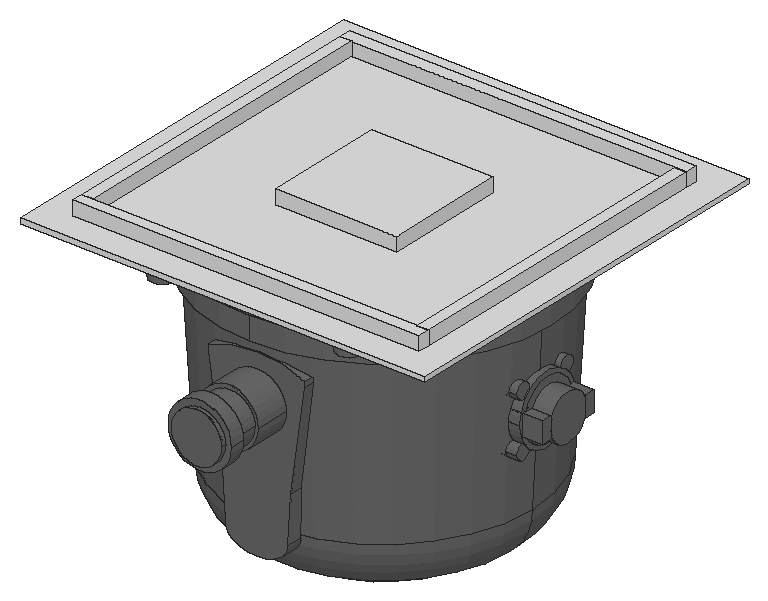
Revit family "280570x(_0)", category Generic Models, Revit 2021
Family settings
  Can host rebar = No
  Round Connector Dimension = Use Diameter
  Part Type = Normal
  Work Plane-Based = No
  Always vertical = Yes
  Cut with Voids When Loaded = No
  Shared = Yes
  Room Calculation Point = No
Parameters (values of type "280570X")
  SUPPLIER = "KESSEL"
  SA700ID50 = "nein"
  SA700ID49 = "Protection Class I"
  SA700ID48 = "no"
  SA700ID47 = "no"
  SA700ID46 = "yes"
  SA700ID37 = 6000 mm
  SA700ID34 = 8
  SA700ID33 = 0.34 W
  SA700ID32 = 10.80 kg
  SA700ID31 = 1
  SA700ID30 = 1
  SA700ID29 = "RWDR"
  SA700ID21 = 600
  SA700ID10 = "No"
  SA700ID08 = 230 V
  PROCUREWEBLINK = "https://p.caden.as/kessel/280570X"
  PROCURELINK = "p.caden.as/kessel/280570X"
  PROCUREDATALASTUPDATE = "2024-05-22T12:18:03.559538686+01:00"
  PREVIEW = "../../bilder/ksb_w_280570x.png"
  PRC_SPECIFICATIONLINK = "https://ausschreiben.de/catalog/kessel/catalogItem/4ae2b64a-3be4-4332-af85-36190925d089"
  NN = "Lifting station Minilift S  Art.-Nr. 28560C"
  NBSYN = "$SA810ID03.(_$L.)"
  NB = "280570X(_0)"
  Model = "280570X"
  Manufacturer = "KESSEL"
  MIdent = "{$CADENAS_DATA/23d-libs/kessel/4/entwaesserung/ktp.prj},197 {VTYP=3D},{NB=280570X(_0)},{LINA=280570X},{NN=Lifting station Minilift S  Art.-Nr. 28560C},{DATE=21.12.2022 12:35:53},{GEOMDATE=21.12.2022 12:35:18},{VERSION=},{LINEID=30},{WBVAR=L},{WBNUMERIC=L}  {NB=280570X(_0)},{LINA=280570X},{KT=DUMMY},{PREVIEW=../../bilder/ksb_w_280570x.png},{SA700ID04=Hebeanlage Minilift S, KTP 300-S1, Bodenplatte, befliesbar},{SA810ID06=04026092082546},{LMIN=0.000},{LMAX=200.000},{L=0.000},{SA700ID34=8.00},{SA810ID03=280570X},{SA810ID10=Kessel Minilift S Unterflur, mit befliesbarer AbdeckungKleinhebeanlage für fäkalienfreies Abwasser zum Einbau in dieBodenplatte,vormontiert zur bauseitigen Endmontage.- mit teleskopischem Aufsatzstück für stufenlosen Höhen- undNivauausgleich und integriertem Bodenablauf- Bodenteil aus PP, beständig gegen aggressive Abwässer- Inklusive Rückflussverhinderer für die Druckleitung- Inklusive Stutzen DN 50 für Zulauf und Kabelleerrohr- Pumpe mit Freistromrad für höchste Betriebssicherheit- Inklusive Schwimmerschalter zur NiveauerfassungAnlagenart: EinzelanlageFarbe: schwarzAbwasserart: fäkalienfreies AbwasserEinbausituation: innerhalb vom Gebäude - Einbau in die BodenplatteNorm: EN 12050-2Abdeckungsart: Abdeckplatte befliesbar mit RostAbdeckung Farbe: silbergrauVerriegelung: jaBelastungsklasse: K3Länge: 460 mmBreite: 380 mmEinbautiefe T: 330mm - 460 mmZulauf Nennweite: DN50Druckabgang (DN): 32Druckabgang (Da): 40Freier Kugeldurchgang: 10 mmRückflussverhinderer: integriertNutzvolumen: ca. 7,0 lGewicht netto: 11,5 kgPumpentyp: KTP300Anzahl Pumpen: 1Laufrad Typ: FreistromradPumpensteuerung: SchwimmerFördermenge: max. 8,0 m³/hFörderhöhe: max. 6 mFörderguttemperatur dauerhaft (max.): 35 °CNennleistung (P2): 0,21 KWAufnahmeleistung (P1): 0,34 KWBetriebsspannung: 230 V DSNennfrequenz: 50 HzDrehzahl: 2800 1/minNennstrom: 1,6 AAbsicherung: C 16 ASchutzart (Pumpe): IP 68 (3mWS)Betriebsart: S1Temperaturüberwachung: integriertLänge Netzanschlussleitung Pumpe: 5 mTyp Anschlussleitung Pumpe: H07RN-F 3G 1,0 mm²Anschlusstyp: Schuko 2-polig},{SA700ID37=6.00},{SA700ID33=0.34},{SA700ID08=230},{SA700ID30=1},{SA700ID32=10.80},{SA700ID49=Schutzklasse I},{SA700ID50=nein},{SA200ID03=Tauchpumpe},{SA250ID03=vertikal},{SA260ID03=Trockenläuferpumpe},{SA350ID03=normalansaugend},{SA400ID03=E-Motor für Wechselstrom},{SA460ID03=direkt},{SA500ID03=Kunststoff, Edelstahl},{SA700ID06=32},{SA700ID07=50},{SA700ID09=1/N/PE 230V},{SA700ID10=Nein},{SA700ID11=50},{SA700ID12=IP 68},{SA700ID13=F},{SA700ID15=35},{SA700ID21=600.00},{SA700ID22=0.21},{SA700ID23=2800},{SA700ID24=2800},{SA700ID26=2},{SA700ID27=3.80},{SA700ID28=durchgehend},{SA700ID29=RWDR},{SA700ID31=1},{SA700ID46=ja},{SA700ID47=nein},{SA700ID48=nein},{SA110ID04=Hebeanlage Minilift S},{SA300ID03=einstufig},{SA700ID44=MIN},{SA700ID45=MIN},{SA010ID04=KESSEL AG},{L1=0:200},{DNIN1=50},{DNIN2=50},{DNIN3=40},{DNOUT=40},{ISD1=20},{NR=MIN},{SA960ID03=89},{SA960ID04=3L},{SA960ID08=https://www.kessel.de/info?han=280570X},{SA010ID01=010},{SA010ID02=4},{SA010ID06=www.kessel.de},{SA010ID08=4026092000007},{SA100ID01=100},{SA100ID02=4},{SA100ID04=Entwässerung},{SA100ID06=},{SA110ID01=110},{SA110ID02=9},{SA110ID05=},{SA110ID06=Hebeanlage},{SA740ID01=},{SA740ID02=},{SA740ID03=},{SA200ID01=200},{SA200ID02=6},{SA250ID01=250},{SA250ID02=2},{SA260ID01=260},{SA260ID02=2},{SA300ID01=300},{SA300ID02=1},{SA350ID01=350},{SA350ID02=1},{SA400ID01=400},{SA400ID02=1},{SA460ID01=460},{SA460ID02=1},{SA500ID01=500},{SA500ID02=1},{SA700ID01=700},{SA700ID02=89},{SA700ID16=0},{SA700ID25=0},{IGNORIEREN=MIN},{IGNORIERENDUPE1=MIN},{IGNORIERENDUPE2=MIN},{IGNORIERENDUPE3=MIN},{SA800ID01=800},{SA800ID02=3},{SA810ID01=810},{SA810ID02=89},{SA810ID04=280570X},{SA810ID07=89},{SA810ID14=PCE},{SA810ID15=1},{SA810ID16=NMP},{LINK=https://www.kessel.de/info?han=280570X},{IGNORIERENDUPE4=},{SA010ID13=DEU},{SA010ID14=DE},{SA100ID05=Hebeanlage},{SA700ID10_=0},{SA700ID46_=1},{SA700ID47_=0},{SA700ID48_=0},{SA700ID49_=1},{SA700ID50_=0},{SA810ID09=1},{LINK_=https://www.kessel.de/info?han=280570X},{LINK_DEU=https://www.kessel.de/info?han=280570X},{CATEGORY4AB=}"
  LMIN = 0
  LMAX = 200
  LINK = "https://www.kessel.de/info?han=280570X"
  LINA = "280570X"
  L = 0
  Default Elevation = 0 mm
  CREATOR = "CADENAS GmbH"
  CATALOG = "KESSEL"
  BOMINFO = "LINA"
  ARTICLENO = "NB"
  4.810.00.9 Order quantity (multiplicator) = "1"
  4.810.00.7 Media- connection number = "89"
  4.810.00.6 GTIN number = "04026092082546"
  4.810.00.4 DATANORM number = "280570X"
  4.810.00.3 Producer order number = "280570X"
  4.710.03.7 Mass (net) = 10.80 kg
  4.710.03.6 Height = 330 mm
  4.710.03.5 Width = 480 mm
  4.710.03.4 Length = 455 mm
  4.710.03.3 Type of dimensions = "2"
  4.710.02.8 Area of application of wastewater pump = "2"
  4.710.02.6 Duty type = "S1"
  4.710.02.5 Cutting device = "0"
  4.710.02.4 Attached pump control = "1"
  4.710.02.3 Free passage = 10 mm
  4.710.01.6 Option to connect to building automation = "10"
  4.710.01.5 Load regulation = "0"
  4.710.01.4 Designation of closed-loop control = "7"
  4.700.00.9 Voltage = 0
  4.700.00.8 Nominal connection size on suction side = "50"
  4.700.00.7 Nominal connection size on pressure side = "50"
  4.700.00.6 Type of connection = "32"
  4.700.00.4 Product indentification = "Hebeanlage Minilift S, KTP 300-S1, Bodenplatte, befliesbar"
  4.700.00.28 Motor pump shaft = "durchgehend"
  4.700.00.27 Starting current = 3.8
  4.700.00.26 Maximum power consumption per pump / drive = 2
  4.700.00.25 Minimum speed at internal speed adjustment = 0
  4.700.00.24 Nominal speed / maximum speed n = 46.6667
  4.700.00.23 Nominal speed of motor = 46.6667
  4.700.00.22 Maximum shaft output (P2) per pump/drive = 0.21 W
  4.700.00.16 Maximum temperature of pumped medium = 0 °C
  4.700.00.15 Increased safety class = "35 °C"
  4.700.00.13 Type of protection = "F"
  4.700.00.12 Frequency = 0
  4.700.00.11 Stern-/Dreieck-Anlaufschaltung bei Dreiphasenanschluss oder Drehstrom = "50 Hz"
  4.700.00.10 Phase = "0"
  4.500.00.3 Variant / Variant type / Accessories-name = "Kunststoff, Edelstahl"
  4.460.00.3 Variant / Variant type / Accessories-name = "direkt"
  4.400.00.3 Variant / Variant type / Accessories-name = "E-Motor für Wechselstrom"
  4.350.00.3 Variant / Variant type / Accessories-name = "normalansaugend"
  4.300.00.3 Variant / Variant type / Accessories-name = "einstufig"
  4.260.00.3 Variant / Variant type / Accessories-name = "Trockenläuferpumpe"
  4.250.00.3 Variant / Variant type / Accessories-name = "vertikal"
  4.200.00.3 Variant / Variant type / Accessories-name = "Tauchpumpe"
  4.110.00.6 Product classification = "Hebeanlage"
  4.110.00.4 Product indentification = "Hebeanlage Minilift S"
  4.100.00.5 Main groups of wares = "Hebeanlage"
  4.100.00.4 Product indentification = "Entwässerung"
  4.010.00.2 Sheet number of the guideline = "4"
Reference planes
  plane 1 "Center (Front/Back)": y = 0
  plane 2: z = 0
  plane 3 "Center (Left/Right)": x = 0
Dimensions and locks
  aligned and locked: level to plane 2
Nested families
  nested 1: "280570x(_0)_content" at (0, 0, 0), type "280570X(_0)_Content"
Connectors
  piping at (-252.35, 0, 193), diameter 50
    settings: on nested 1, index 1, connector inside diameter 609.6 mm, connector length 0 mm, flow factor 0, pipe flow 0.0 L/s, pressure drop 0.0 Pa, fitting loss kfactor 0, connector angle 0.00°, fixture units 0, engagement length 0 mm, angle of deflection 0.00°, flow configuration 0, flow direction 1, fitting loss method 2, system type 29, joint type 0, gender type 0, connector reference index -1, connector utility 0, adjustable connector no, is connector primary yes, connector description ""
  piping at (0, -257.35, 193), diameter 50
    settings: on nested 1, index 2, connector inside diameter 609.6 mm, connector length 0 mm, flow factor 0, pipe flow 0.0 L/s, pressure drop 0.0 Pa, fitting loss kfactor 0, connector angle 0.00°, fixture units 0, engagement length 0 mm, angle of deflection 0.00°, flow configuration 0, flow direction 1, fitting loss method 2, system type 29, joint type 0, gender type 0, connector reference index -1, connector utility 0, adjustable connector no, is connector primary no, connector description ""
  piping at (202, 0, 171), diameter 40
    settings: on nested 1, index 3, connector inside diameter 609.6 mm, connector length 0 mm, flow factor 0, pipe flow 0.0 L/s, pressure drop 0.0 Pa, fitting loss kfactor 0, connector angle 0.00°, fixture units 0, engagement length 0 mm, angle of deflection 0.00°, flow configuration 0, flow direction 2, fitting loss method 2, system type 29, joint type 0, gender type 0, connector reference index -1, connector utility 0, adjustable connector no, is connector primary no, connector description ""
Definition of nested family "280570x(_0)_content"
  Parameters (values of type "280570X(_0)_Content")
    SUPPLIER = "KESSEL"
    SA700ID50 = "nein"
    SA700ID49 = "Protection Class I"
    SA700ID48 = "no"
    SA700ID47 = "no"
    SA700ID46 = "yes"
    SA700ID37 = 6000 mm
    SA700ID34 = 8
    SA700ID33 = 0.34 W
    SA700ID32 = 10.80 kg
    SA700ID31 = 1
    SA700ID30 = 1
    SA700ID29 = "RWDR"
    SA700ID21 = 600
    SA700ID10 = "No"
    SA700ID08 = 230 V
    PROCUREWEBLINK = "https://p.caden.as/kessel/280570X"
    PROCURELINK = "p.caden.as/kessel/280570X"
    PROCUREDATALASTUPDATE = "2024-05-22T12:18:03.559538686+01:00"
    PREVIEW = "../../bilder/ksb_w_280570x.png"
    PRC_SPECIFICATIONLINK = "https://ausschreiben.de/catalog/kessel/catalogItem/4ae2b64a-3be4-4332-af85-36190925d089"
    NN = "Lifting station Minilift S  Art.-Nr. 28560C"
    NBSYN = "$SA810ID03.(_$L.)"
    NB = "280570X(_0)"
    Model = "280570X"
    Manufacturer = "KESSEL"
    LMIN = 0
    LMAX = 200
    LINK = "https://www.kessel.de/info?han=280570X"
    LINA = "280570X"
    L = 0
    Default Elevation = 1219.2 mm
    CREATOR = "CADENAS GmbH"
    CATALOG = "KESSEL"
    BOMINFO = "LINA"
    ARTICLENO = "NB"
    4.810.00.9 Order quantity (multiplicator) = "1"
    4.810.00.7 Media- connection number = "89"
    4.810.00.6 GTIN number = "04026092082546"
    4.810.00.4 DATANORM number = "280570X"
    4.810.00.3 Producer order number = "280570X"
    4.710.03.7 Mass (net) = 10.80 kg
    4.710.03.6 Height = 330 mm
    4.710.03.5 Width = 480 mm
    4.710.03.4 Length = 455 mm
    4.710.03.3 Type of dimensions = "2"
    4.710.02.8 Area of application of wastewater pump = "2"
    4.710.02.6 Duty type = "S1"
    4.710.02.5 Cutting device = "0"
    4.710.02.4 Attached pump control = "1"
    4.710.02.3 Free passage = 10 mm
    4.710.01.6 Option to connect to building automation = "10"
    4.710.01.5 Load regulation = "0"
    4.710.01.4 Designation of closed-loop control = "7"
    4.700.00.9 Voltage = 0
    4.700.00.8 Nominal connection size on suction side = "50"
    4.700.00.7 Nominal connection size on pressure side = "50"
    4.700.00.6 Type of connection = "32"
    4.700.00.4 Product indentification = "Hebeanlage Minilift S, KTP 300-S1, Bodenplatte, befliesbar"
    4.700.00.28 Motor pump shaft = "durchgehend"
    4.700.00.27 Starting current = 3.8
    4.700.00.26 Maximum power consumption per pump / drive = 2
    4.700.00.25 Minimum speed at internal speed adjustment = 0
    4.700.00.24 Nominal speed / maximum speed n = 46.6667
    4.700.00.23 Nominal speed of motor = 46.6667
    4.700.00.22 Maximum shaft output (P2) per pump/drive = 0.21 W
    4.700.00.16 Maximum temperature of pumped medium = 0 °C
    4.700.00.15 Increased safety class = "35 °C"
    4.700.00.13 Type of protection = "F"
    4.700.00.12 Frequency = 0
    4.700.00.11 Stern-/Dreieck-Anlaufschaltung bei Dreiphasenanschluss oder Drehstrom = "50 Hz"
    4.700.00.10 Phase = "0"
    4.500.00.3 Variant / Variant type / Accessories-name = "Kunststoff, Edelstahl"
    4.460.00.3 Variant / Variant type / Accessories-name = "direkt"
    4.400.00.3 Variant / Variant type / Accessories-name = "E-Motor für Wechselstrom"
    4.350.00.3 Variant / Variant type / Accessories-name = "normalansaugend"
    4.300.00.3 Variant / Variant type / Accessories-name = "einstufig"
    4.260.00.3 Variant / Variant type / Accessories-name = "Trockenläuferpumpe"
    4.250.00.3 Variant / Variant type / Accessories-name = "vertikal"
    4.200.00.3 Variant / Variant type / Accessories-name = "Tauchpumpe"
    4.110.00.6 Product classification = "Hebeanlage"
    4.110.00.4 Product indentification = "Hebeanlage Minilift S"
    4.100.00.5 Main groups of wares = "Hebeanlage"
    4.100.00.4 Product indentification = "Entwässerung"
    4.010.00.2 Sheet number of the guideline = "4"
  Reference planes
    plane 1 "Center (Front/Back)": y = 0
    plane 2: z = 0
    plane 3 "Center (Left/Right)": x = 0
  Forms (mm)
    Extrusion 1, solid, detail levels medium+fine
      sketch origin (0, 0, 0) x (0, 1, 0) y (-1, 0, 0)
        loop
          circle (0, 0) r 110
      from 0 to 66.5
    Revolve 2, solid, detail levels medium+fine
      sketch origin (0, 0, 66.5) x (0, 0, 1) y (-1, 0, 0)
        loop
          line (-61.5, 0) -> (-41.5, 0) -> (-41.5, 101.896)
          arc (-41.5, 101.896) -> (-30.185, 130.376) -> (-2.411, 143.326) r 41.5
          line (-2.411, 143.326) -> (189, 154.466) -> (189, 174.5) -> (0, 163.5)
          arc (0, 163.5) -> (-43.487, 145.487) -> (-61.5, 102) r 61.5
          line (-61.5, 102) -> (-61.5, 0)
        axis (189, 0) -> (-61.5, 0)
      angle from -360 to 0
    Extrusion 3, solid, detail levels medium+fine
      sketch origin (-150, 0, 193) x (0, -1, 0) y (0, 0, 1)
        loop
          line (-53.15, 37.198) -> (-52.981, 30.888) -> (-37.066, -78.327) -> (-34.544, -131.094)
          arc (-34.544, -131.094) -> (-32.425, -138.461) -> (-27.384, -144.235) r 17.661
          arc (-27.384, -144.235) -> (-18.813, -149.331) -> (-9.223, -152.059) r 38.551
          line (-9.223, -152.059) -> (-7.821, -152.285)
          arc (-7.821, -152.285) -> (-3.921, -152.712) -> (0, -152.853) r 53.771
          arc (0, -152.853) -> (3.921, -152.712) -> (7.821, -152.285) r 53.771
          line (7.821, -152.285) -> (9.223, -152.059)
          arc (9.223, -152.059) -> (18.813, -149.331) -> (27.384, -144.235) r 38.551
          arc (27.384, -144.235) -> (32.425, -138.461) -> (34.544, -131.094) r 17.661
          line (34.544, -131.094) -> (37.066, -78.327) -> (52.981, 30.888) -> (53.15, 37.198)
          arc (53.15, 37.198) -> (44.085, 40.66) -> (34.797, 43.467) r 135.898
          line (34.797, 43.467) -> (27.898, 45.095)
          arc (27.898, 45.095) -> (14.023, 47.252) -> (0, 47.974) r 136.567
          arc (0, 47.974) -> (-14.023, 47.252) -> (-27.898, 45.095) r 136.567
          line (-27.898, 45.095) -> (-34.797, 43.467)
          arc (-34.797, 43.467) -> (-44.085, 40.66) -> (-53.15, 37.198) r 135.898
      from 0 to 25
    Extrusion 4, solid, detail levels medium+fine
      sketch origin (0, 150, 193) x (-1, 0, 0) y (0, 0, 1)
        loop
          line (-53.15, 37.198) -> (-52.981, 30.888) -> (-37.066, -78.327) -> (-34.544, -131.094)
          arc (-34.544, -131.094) -> (-32.425, -138.461) -> (-27.384, -144.235) r 17.661
          arc (-27.384, -144.235) -> (-18.813, -149.331) -> (-9.223, -152.059) r 38.551
          line (-9.223, -152.059) -> (-7.821, -152.285)
          arc (-7.821, -152.285) -> (-3.921, -152.712) -> (0, -152.853) r 53.771
          arc (0, -152.853) -> (3.921, -152.712) -> (7.821, -152.285) r 53.771
          line (7.821, -152.285) -> (9.223, -152.059)
          arc (9.223, -152.059) -> (18.813, -149.331) -> (27.384, -144.235) r 38.551
          arc (27.384, -144.235) -> (32.425, -138.461) -> (34.544, -131.094) r 17.661
          line (34.544, -131.094) -> (37.066, -78.327) -> (52.981, 30.888) -> (53.15, 37.198)
          arc (53.15, 37.198) -> (44.085, 40.66) -> (34.797, 43.467) r 135.898
          line (34.797, 43.467) -> (27.898, 45.095)
          arc (27.898, 45.095) -> (14.023, 47.252) -> (0, 47.974) r 136.567
          arc (0, 47.974) -> (-14.023, 47.252) -> (-27.898, 45.095) r 136.567
          line (-27.898, 45.095) -> (-34.797, 43.467)
          arc (-34.797, 43.467) -> (-44.085, 40.66) -> (-53.15, 37.198) r 135.898
      from 0 to 25
    Extrusion 5, solid, detail levels medium+fine
      sketch origin (0, -150, 193) x (1, 0, 0) y (0, 0, 1)
        loop
          line (-53.15, 37.198) -> (-52.981, 30.888) -> (-37.066, -78.327) -> (-34.544, -131.094)
          arc (-34.544, -131.094) -> (-32.425, -138.461) -> (-27.384, -144.235) r 17.661
          arc (-27.384, -144.235) -> (0, -152.853) -> (27.384, -144.235) r 47.815
          arc (27.384, -144.235) -> (32.425, -138.461) -> (34.544, -131.094) r 17.661
          line (34.544, -131.094) -> (37.066, -78.327) -> (52.981, 30.888) -> (53.15, 37.198)
          arc (53.15, 37.198) -> (0, 47.974) -> (-53.15, 37.198) r 136.466
      from 0 to 25
    Extrusion 6, solid, detail levels medium+fine
      sketch origin (-169.5, 0, 193) x (0, 1, 0) y (0, 0, -1)
        loop
          circle (0, 0) r 32
      from 0 to 37.8
    Extrusion 7, solid, detail levels medium+fine
      sketch origin (-207.3, 0, 193) x (0, 1, 0) y (0, 0, -1)
        loop
          circle (0, 0) r 27.7
      from 0 to 24.75
    Extrusion 8, solid, detail levels medium+fine
      sketch origin (-232, 0, 193) x (0, 1, 0) y (0, 0, -1)
        loop
          circle (0, 0) r 34.75
      from 0 to 15.75
    Extrusion 9, solid, detail levels medium+fine
      sketch origin (-247.75, 0, 193) x (0, 1, 0) y (0, 0, -1)
        loop
          circle (0, 0) r 27.7
      from 0 to 4.6
    Extrusion 10, solid, detail levels medium+fine
      sketch origin (0, -174.5, 193) x (-1, 0, 0) y (0, 0, -1)
        loop
          circle (0, 0) r 32
      from 0 to 37.8
    Extrusion 11, solid, detail levels medium+fine
      sketch origin (0, -212.3, 193) x (-1, 0, 0) y (0, 0, -1)
        loop
          circle (0, 0) r 27.7
      from 0 to 24.75
    Extrusion 12, solid, detail levels medium+fine
      sketch origin (0, -237, 193) x (-1, 0, 0) y (0, 0, -1)
        loop
          circle (0, 0) r 34.75
      from 0 to 15.75
    Extrusion 13, solid, detail levels medium+fine
      sketch origin (0, -252.75, 193) x (-1, 0, 0) y (0, 0, -1)
        loop
          circle (0, 0) r 27.7
      from 0 to 4.6
    Extrusion 14, solid, detail levels medium+fine
      sketch origin (0, 0, 255.5) x (0, 1, 0) y (-1, 0, 0)
        loop
          circle (0, 0) r 184
      from 0 to 29
    Extrusion 15, solid, detail levels medium+fine
      sketch origin (0, 0, 284.5) x (0, 1, 0) y (-1, 0, 0)
        loop
          circle (0, 0) r 190
      from 0 to 5.5
    Extrusion 16, solid, detail levels medium+fine
      sketch origin (0, 0, 290) x (0, 1, 0) y (-1, 0, 0)
        loop
          circle (0, 0) r 185.5
      from 0 to 12.5
    Extrusion 17, solid, detail levels medium+fine
      sketch origin (-190, -190, 302.5) x (0, 1, 0) y (0, 0, 1)
        loop
          line (0, 7.5) -> (0, 0) -> (380, 0) -> (380, 7.5) -> (0, 7.5)
      from 0 to 380
    Extrusion 18, solid, detail levels medium+fine
      sketch origin (-222, -222, 310) x (0, 1, 0) y (0, 0, 1)
        loop
          line (0, 5) -> (0, 0) -> (444, 0) -> (444, 5) -> (0, 5)
      from 0 to 444
    Extrusion 19, solid, detail levels medium+fine
      sketch origin (-66.25, -66.25, 315) x (0, 1, 0) y (0, 0, 1)
        loop
          line (0, 15) -> (0, 0) -> (132.5, 0) -> (132.5, 15) -> (0, 15)
      from 0 to 132.5
    Extrusion 20, solid, detail levels medium+fine
      sketch origin (-28, 119, -0.5) x (0, 1, 0) y (-0.906308, 0, -0.422618)
        loop
          circle (0, 0) r 17.5
      from 0 to 35
    Revolve 21, solid, detail levels medium+fine
      sketch origin (-28, 119, -0.5) x (0, 1, 0) y (0, 0, 1)
        loop
          line (0, 17.5) -> (0, -17.5)
          arc (0, -17.5) -> (17.5, 0) -> (0, 17.5) r 17.5
        axis (0, -17.5) -> (0, 17.5)
      angle from -360 to 0
    Extrusion 22, solid, detail levels medium+fine
      sketch origin (154, 0, 171) x (0, 1, 0) y (0, 0, 1)
        loop
          circle (0, 0) r 37.5
      from 0 to 25
    Extrusion 23, solid, detail levels medium+fine
      sketch origin (164, 0, 171) x (0, 1, 0) y (0, 0, 1)
        loop
          circle (0, 0) r 32.5
      from 0 to 16
    Extrusion 24, solid, detail levels medium+fine
      sketch origin (170, 0, 171) x (0, 1, 0) y (0, 0, 1)
        loop
          circle (0, 0) r 25
      from 0 to 32
    Extrusion 25, solid, detail levels medium+fine
      sketch origin (162, 23.5, 159.5) x (0, 1, 0) y (0, 0, 1)
        loop
          line (0, 23) -> (0, 0) -> (12, 0) -> (12, 23) -> (0, 23)
      from 0 to 40
    Extrusion 26, solid, detail levels medium+fine
      sketch origin (162, -23.5, 182.5) x (0, -1, 0) y (0, 0, -1)
        loop
          line (0, 23) -> (0, 0) -> (12, 0) -> (12, 23) -> (0, 23)
      from 0 to 40
    Extrusion 27, solid, detail levels medium+fine
      sketch origin (156.5, 30, 201) x (0, 1, 0) y (0, 0, 1)
        loop
          circle (0, 0) r 8.3
      from 0 to 20
    Extrusion 28, solid, detail levels medium+fine
      sketch origin (156.5, -30, 201) x (0, 1, 0) y (0, 0, 1)
        loop
          circle (0, 0) r 8.3
      from 0 to 20
    Extrusion 29, solid, detail levels medium+fine
      sketch origin (156.5, 30, 141) x (0, 1, 0) y (0, 0, 1)
        loop
          circle (0, 0) r 8.3
      from 0 to 20
    Extrusion 30, solid, detail levels medium+fine
      sketch origin (156.5, -30, 141) x (0, 1, 0) y (0, 0, 1)
        loop
          circle (0, 0) r 8.3
      from 0 to 20
    Extrusion 31, solid, detail levels medium+fine
      sketch origin (-190, -190, 315) x (0, 1, 0) y (0, 0, 1)
        loop
          line (0, 15) -> (0, 0) -> (13, 0) -> (13, 15) -> (0, 15)
      from 0 to 380
    Extrusion 32, solid, detail levels medium+fine
      sketch origin (177, -177, 315) x (0, 1, 0) y (0, 0, 1)
        loop
          line (0, 15) -> (0, 0) -> (354, 0) -> (354, 15) -> (0, 15)
      from 0 to 13
    Extrusion 33, solid, detail levels medium+fine
      sketch origin (-190, 177, 315) x (0, 1, 0) y (0, 0, 1)
        loop
          line (0, 15) -> (0, 0) -> (13, 0) -> (13, 15) -> (0, 15)
      from 0 to 380
    Extrusion 34, solid, detail levels medium+fine
      sketch origin (-177, 177, 315) x (0, -1, 0) y (0, 0, 1)
        loop
          line (0, 15) -> (0, 0) -> (354, 0) -> (354, 15) -> (0, 15)
      from 0 to 13
    Extrusion 35, solid, detail levels medium+fine
      sketch origin (102.5, 176.5, 279.5) x (0, 1, 0) y (-1, 0, 0)
        loop
          line (-32.683, 0.897) -> (-5.494, -11.782)
          arc (-5.494, -11.782) -> (11.782, -5.494) -> (5.494, 11.782) r 13
          line (5.494, 11.782) -> (-21.695, 24.461) -> (-32.683, 0.897)
      from 0 to 10.5
    Extrusion 36, solid, detail levels medium+fine
      sketch origin (-102.5, -176.5, 279.5) x (0, 1, 0) y (-1, 0, 0)
        loop
          arc (5.494, 11.782) -> (-11.782, 5.494) -> (-5.494, -11.782) r 13
          line (-5.494, -11.782) -> (21.695, -24.461) -> (32.683, -0.897) -> (5.494, 11.782)
      from 0 to 10.5
    Extrusion 37, solid, detail levels medium+fine
      sketch origin (-102.5, 176.5, 279.5) x (0, 1, 0) y (-1, 0, 0)
        loop
          line (-32.683, -0.897) -> (-21.695, -24.461) -> (5.494, -11.782)
          arc (5.494, -11.782) -> (11.782, 5.494) -> (-5.494, 11.782) r 13
          line (-5.494, 11.782) -> (-32.683, -0.897)
      from 0 to 10.5
    Extrusion 38, solid, detail levels medium+fine
      sketch origin (102.5, -176.5, 279.5) x (0, 1, 0) y (-1, 0, 0)
        loop
          arc (-5.494, 11.782) -> (-11.782, -5.494) -> (5.494, -11.782) r 13
          line (5.494, -11.782) -> (32.683, 0.897) -> (21.695, 24.461) -> (-5.494, 11.782)
      from 0 to 10.5
    Extrusion 39, solid, detail levels coarse
      sketch origin (-15.175, -17.675, -18) x (1, 0, 0) y (0, 1, 0)
        loop
          line (-237.175, -239.675) -> (237.175, -239.675) -> (237.175, 239.675) -> (-237.175, 239.675) -> (-237.175, -239.675)
      from 0 to 348
  Dimensions and locks
    aligned and locked: level to plane 2
